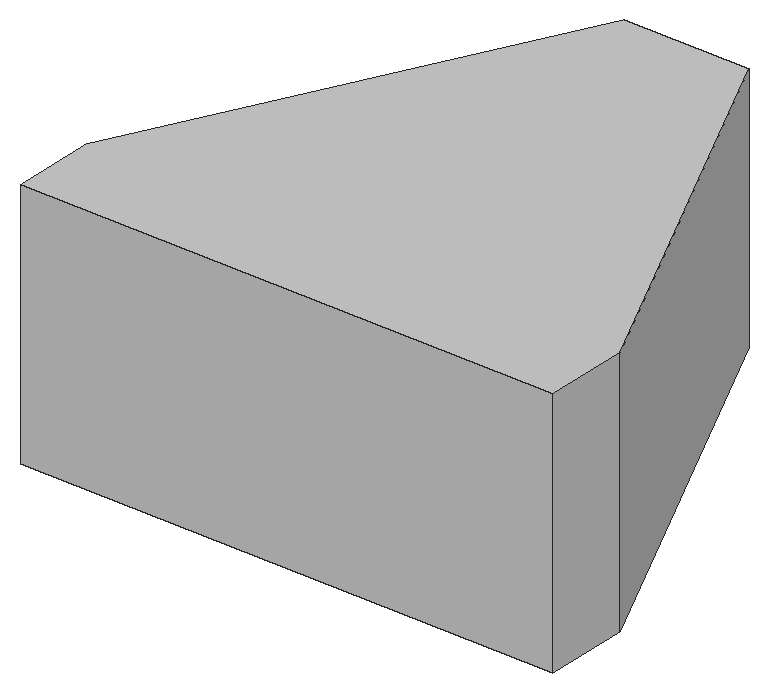
Revit family
Parameters (values of type "1500 x 1600 x 750mm")
  Width = 1600 mm
  Thickness = 750 mm
  b = 0.75 * x  # 374.625 mm
  x = 0.333 * Length  # 499.5 mm
  Length = 1500 mm
  Footing Material [instance] = Concrete - Cast-in-Place Concrete
Reference planes
  plane 1 "Center (Front/Back)": y = 0
  plane 2: z = 0
  plane 3 "Center (Left/Right)": x = 0
  plane 4: z = -750
  plane 5: y = 1000.5
  plane 6: y = -499.5
  plane 7: x = -800
  plane 8: x = 800
  plane 9: x = -187.312
  plane 10: x = 187.313
  plane 11: y = -249.75
Forms (mm)
  Extrusion 1, solid, material "Concrete - Cast-in-Place Concrete" <- "Footing Material"
    sketch origin (0, 0, 0) x (1, 0, 0) y (0, 1, 0)
      loop
        line (-800, -499.5) -> (800, -499.5) -> (800, -249.75) -> (187.313, 1000.5) -> (-187.312, 1000.5) -> (-800, -249.75) -> (-800, -499.5)
    from -750 to 0
Dimensions and locks
  "Thickness": plane 2 to plane 4
  "Length": plane 6 to plane 5
  equal spacing: plane 7, plane 3 "Center (Left/Right)", plane 8
  "Width": plane 7 to plane 8
  plane 6 to plane 1 "Center (Front/Back)" = 499.5 mm
  equal spacing: plane 9, plane 3 "Center (Left/Right)", plane 10
  "x": plane 6 to plane 1 "Center (Front/Back)"
  equal spacing: plane 6, plane 11, plane 1 "Center (Front/Back)"
  "b": plane 9 to plane 10
  aligned and locked: plane 6 to Extrusion 1 sketch curve  (x2)
  aligned and locked: plane 9 to Extrusion 1 sketch curve
  aligned and locked: plane 10 to Extrusion 1 sketch curve
  aligned and locked: plane 5 to Extrusion 1 sketch curve
  aligned and locked: plane 4 to Extrusion 1
  aligned and locked: level to Extrusion 1
  aligned and locked: plane 11 to Extrusion 1 sketch curve  (x2)
  aligned and locked: Extrusion 1 sketch curve to plane 7
  aligned and locked: Extrusion 1 sketch curve to plane 8
